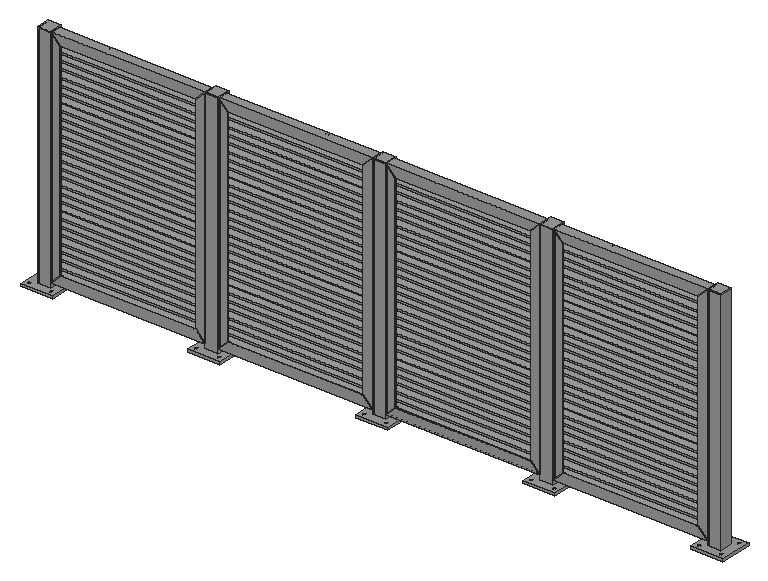
Revit family "Palmshield-Atlas-Louver-Array", category Specialty Equipment, Revit 2025
Family settings
  Round Connector Dimension = Use Diameter
  Part Type = Normal
  OmniClass Number = 23.55.00.00
  OmniClass Title = Manufactured Structures
  Enable Cutting in Views = No
  Cut with Voids When Loaded = No
  Maintain Annotation Orientation = No
  Shared = No
  Room Calculation Point = No
Parameters (values of type "Assembly")
  Warranty URL = "https://palmshieldlouvers.com/wp-content/uploads/2020/01/PalmSHIELD-Warranty-NO-SIGN-LINE.pdf"
  Version = "2020 - v1.0a"  # constant formula
  URL = "https://palmshieldlouvers.com/"
  Type Comments = ""
  Start Post [instance] = yes
  Product Page URL = "https://palmshieldlouvers.com/products/atlas-louver/"
  Product Documentation Link = "https://palmshieldlouvers.com/wp-content/uploads/2022/10/PalmSHIELD-Horizontal-Louvers-Technical-Data-Sheets-updated-100722.pdf"
  Post Finish = Metal - PalmSHIELD - Dusty Grey
  Panel Width [instance] = if(Desired Panel Width > C Max Panel Width, C Max Panel Width, if(Desired Panel Width < C Min Panel Width, C Min Panel Width, Desired Panel Width))  # 4' - 0"
  Panel Height [instance] = if(Desired Panel Height > C Max Panel Height, C Max Panel Height, if(Desired Panel Height < C Min Panel Height, C Min Panel Height, Desired Panel Height))  # 6' - 0"
  Model = "Atlas - Aluminum - Panel Assembly"  # constant formula
  Manufacturer Phone Number = "531-329-4406 "  # constant formula
  Manufacturer Email = "mailto: info@palmshieldlouvers.com"
  Manufacturer Address = "12330 Cary Circle, La Vista, NE 68128"  # constant formula
  Manufacturer = "PalmSHIELD"  # constant formula
  Keynote = "05 10 00"
  Instruction Sheet Link = "https://palmshieldlouvers.com/wp-content/uploads/2020/01/PalmSHIELD-Post-Panel-Gate-Installation-Instructions-REV-1.pdf"
  ID [instance] = "Not Assigned"
  Frame Finish = Metal - PalmSHIELD - Dusty Grey
  Filler Panel [instance] = yes
  End Post [instance] = yes
  Desired Panel Width [instance] = 4' - 0"
  Desired Panel Height [instance] = 6' - 0"
  Real Length [instance] = if(system length 1 < (C Post Width + C Min Panel Width), (C Post Width + C Min Panel Width), system length 1)  # 17' - 4"
  Description = "Atlas - Aluminum - Panel Assembly"  # constant formula
  system length 1 [instance] = 17' - 4"
  Copyright = "Copyright ©2024 The American Fence Company and PalmSHIELD. All Rights Reserved."  # constant formula
  Component Name [instance] = "Atlas - Aluminum - Panel Assembly"  # constant formula
  C Single Post [instance] = if(C Condition Double, 1 = 1, if(and(End Post, C Condition Single), 1 = 1, 1 = 0))  # no
  C Single Panel [instance] = or(C Condition Double, C Condition Single)  # no
  C Post Width [instance] = 0' - 4"  # constant formula
  C Multiple Post [instance] = (C Condition Multiple)  # yes
  C Multiple Panels [instance] = (C Condition Multiple)  # yes
  C Min Panel Width [instance] = 4' - 0"  # constant formula
  C Min Panel Height [instance] = C Min Panel Width  # 4' - 0"
  C Max Panel Width [instance] = 5' - 0"  # constant formula
  C Max Panel Height [instance] = 12' - 0"  # constant formula
  C Filler Post [instance] = and(not(C Condition Single), Filler Panel, End Post, or(C Filler Panel Width = C Min Panel Width, C Filler Panel Width > C Min Panel Width))  # yes
  C Filler Panel Width Calculated [instance] = Real Length - C Calculated Total Length - Panel Width - C Post Width  # 4' - 0"
  C Filler Panel Width [instance] = if(C Filler Panel Width Calculated < C Min Panel Width, C Min Panel Width, if(C Filler Panel Width Calculated > C Max Panel Width, C Max Panel Width, C Filler Panel Width Calculated))  # 4' - 0"
  C Filler Panel [instance] = and(not(C Condition Single), Filler Panel, or(C Filler Panel Width = C Min Panel Width, C Filler Panel Width > C Min Panel Width))  # yes
  C Condition Single [instance] = C Array Count < 1  # no
  C Condition Multiple [instance] = C Array Count > 1  # yes
  C Condition Double [instance] = C Array Count = 1  # no
  C Complete Post [instance] = and(not(C Condition Single), not(Filler Panel), End Post)  # no
  C Complete Panel [instance] = and(not(C Condition Single), not(Filler Panel))  # no
  C Calculated Total Length [instance] = if(C Array Count < 1, 0' 0", if(C Array Count = 1, C Post Width, Panel Width * (C Array Safe - 1) + C Post Width * (C Array Safe)))  # 9' - 0"
  C Calculated Filler Panel Length [instance] = if(C Array Count < 1, 0' 0", if(or(C Array Count = 2, C Array Count = 1), C Post Width, if(Filler Panel, (C Calculated Total Length - C Post Width - C Filler Panel Width), (C Calculated Total Length - C Post Width - Panel Width))))  # 4' - 8"
  C Array Safe [instance] = if(C Array Count < 2, 2, C Array Count)  # 3
  C Array Count [instance] = if(Filler Panel, roundup(((Real Length - C Min Panel Width) / (Panel Width + C Post Width)) - 1), roundup(((Real Length - (Panel Width)) / (Panel Width + C Post Width)) - 1))  # 3
  Assembly Code = "F1020100"
Reference planes (in)
  plane 1 "Center (Front/Back)": y = 0
  plane 2: z = 0
  plane 3 "Left": x = 0
  plane 4 "Right": x = 208
  plane 5 "Top": z = 60
  plane 6: x = 48
  plane 7: x = 52
  plane 8: x = 100
  plane 9: x = 104
  plane 10: x = -4
  plane 11: x = 156
  plane 12: x = 52
  plane 13: x = 204
  plane 14: x = 204
  plane 15: x = -2
  plane 16: x = 208
  plane 17: x = 206
  plane 18: x = 206
  plane 19: x = 208
  plane 20: x = 50
  plane 21: x = 102
  plane 22: y = -2
  plane 23: y = 2
Lines and regions (in)
  reference lines
    curve 1: line (0, 0, 0) -> (208, 0, 0)
Dimensions and locks (in)
  "system length 1": plane 3 "Left" to plane 4 "Right"
  "Panel Width": plane 6 to plane 3 "Left"
  "C Post Width": plane 7 to plane 6
  "Panel Width": plane 8 to plane 7
  "C Post Width": plane 9 to plane 8
  "C Post Width": plane 3 "Left" to plane 10
  "C Calculated Filler Panel Length": plane 12 to plane 10
  "C Filler Panel Width": plane 13 to plane 11
  "Panel Width": plane 14 to plane 11
  "C Calculated Total Length": plane 11 to plane 6
  equal spacing: plane 10, plane 15, plane 3 "Left"
  equal spacing: plane 16, plane 17, plane 13
  "C Post Width": plane 16 to plane 13
  equal spacing: plane 19, plane 18, plane 14
  "C Post Width": plane 19 to plane 14
  equal spacing: plane 9, plane 21, plane 8
  equal spacing: plane 7, plane 20, plane 6
  equal spacing: group 1, group 2, group 5  (x3)
  equal spacing: group 3, group 4, group 6  (x3)
  equal spacing: plane 22, plane 1 "Center (Front/Back)", plane 23
  "C Post Width": plane 22 to plane 23
  aligned and locked: plane 4 "Right" to curve 1
  aligned and locked: plane 1 "Center (Front/Back)" to curve 1
  aligned and locked: plane 3 "Left" to curve 1
  aligned and locked: level to plane 2
  aligned and locked: plane 15 to nested 1
  aligned and locked: nested 1 to plane 1 "Center (Front/Back)"
  aligned and locked: plane 3 "Left" to nested 2
  aligned and locked: nested 3 to plane 13
  aligned and locked: nested 4 to plane 14
  aligned and locked: plane 1 "Center (Front/Back)" to nested 6
  aligned and locked: plane 1 "Center (Front/Back)" to nested 5
  aligned and locked: plane 1 "Center (Front/Back)" to nested 8
  aligned and locked: plane 1 "Center (Front/Back)" to nested 9
  aligned and locked: plane 17 to nested 6
  aligned and locked: plane 18 to nested 5
  aligned and locked: plane 20 to nested 8
  aligned and locked: plane 3 "Left" to nested 7
  aligned and locked: plane 7 to nested 10
  aligned and locked: plane 21 to nested 14
  aligned and locked: plane 1 "Center (Front/Back)" to nested 14
  aligned and locked: nested 7 to plane 22
  aligned and locked: plane 22 to nested 10
  aligned and locked: plane 22 to nested 4
  aligned and locked: plane 22 to nested 3
  aligned and locked: nested 2 to plane 22
  aligned and locked: plane 20 to nested 9
Nested families (in)
  nested 1: "Nested-Screening-Louver-Assembly-Post-Palmshield-Atlas-Aluminum" at (-2, 0, 0), Desired Overall Height <- "Panel Height", visible <- "Start Post", Component Vis <- "Start Post", ID <- "ID", type "Assembly"
    with ID "Not Assigned", Height 6' - 0", Desired Overall Height 6' - 0", Component Vis yes, Component Name "Atlas - Aluminum - Square Post", C Min Height 3' - 4", C Max Height 12' - 0"
  nested 2: "Nested-Screening-Louver-Assembly-Panel-Palmshield-Atlas-Aluminum" at (0, -2, 0), Desired Overall Height <- "Panel Height", Desired Overall Width <- "Panel Width", visible <- "C Single Panel", Component Vis <- "C Single Panel", ID <- "ID", type ""
    with Width 4' - 0", ID "Not Assigned", Height 6' - 0", Desired Overall Width 4' - 0", Desired Overall Height 6' - 0", Desired Bottom Angle 0.00°, Component Vis no, Component Name "Atlas - Aluminum - Panel Assembly", C Min Width 4' - 0", C Min Height 4' - 0", C Max Width 5' - 0", C Max Height 12' - 0", C Angle 0.00°
  nested 3: "Nested-Screening-Louver-Assembly-Panel-Palmshield-Atlas-Aluminum" at (156, -2, 0), Desired Overall Height <- "Panel Height", Desired Overall Width <- "C Filler Panel Width", visible <- "C Filler Panel", Component Vis <- "C Filler Panel", ID <- "ID", type "Assembly"
    with Width 4' - 0", ID "Not Assigned", Height 6' - 0", Desired Overall Width 4' - 0", Desired Overall Height 6' - 0", Desired Bottom Angle 0.00°, Component Vis yes, Component Name "Atlas - Aluminum - Panel Assembly", C Min Width 4' - 0", C Min Height 4' - 0", C Max Width 5' - 0", C Max Height 12' - 0", C Angle 0.00°
  nested 4: "Nested-Screening-Louver-Assembly-Panel-Palmshield-Atlas-Aluminum" at (156, -2, 0), Desired Overall Height <- "Panel Height", Desired Overall Width <- "Panel Width", visible <- "C Complete Panel", Component Vis <- "C Complete Panel", ID <- "ID", type ""
    with Width 4' - 0", ID "Not Assigned", Height 6' - 0", Desired Overall Width 4' - 0", Desired Overall Height 6' - 0", Desired Bottom Angle 0.00°, Component Vis no, Component Name "Atlas - Aluminum - Panel Assembly", C Min Width 4' - 0", C Min Height 4' - 0", C Max Width 5' - 0", C Max Height 12' - 0", C Angle 0.00°
  nested 5: "Nested-Screening-Louver-Assembly-Post-Palmshield-Atlas-Aluminum" at (206, 0, 0), Desired Overall Height <- "Panel Height", visible <- "C Complete Post", Component Vis <- "C Complete Post", ID <- "ID", type ""
    with ID "Not Assigned", Height 6' - 0", Desired Overall Height 6' - 0", Component Vis no, Component Name "Atlas - Aluminum - Square Post", C Min Height 3' - 4", C Max Height 12' - 0"
  nested 6: "Nested-Screening-Louver-Assembly-Post-Palmshield-Atlas-Aluminum" at (206, 0, 0), Desired Overall Height <- "Panel Height", visible <- "C Filler Post", Component Vis <- "C Filler Post", ID <- "ID", type "Assembly"
    with ID "Not Assigned", Height 6' - 0", Desired Overall Height 6' - 0", Component Vis yes, Component Name "Atlas - Aluminum - Square Post", C Min Height 3' - 4", C Max Height 12' - 0"
  nested 7: "Nested-Screening-Louver-Assembly-Panel-Palmshield-Atlas-Aluminum" at (0, -2, 0), Desired Overall Height <- "Panel Height", Desired Overall Width <- "Panel Width", visible <- "C Multiple Panels", Component Vis <- "C Multiple Panels", ID <- "ID", type "Assembly"
    with Width 4' - 0", ID "Not Assigned", Height 6' - 0", Desired Overall Width 4' - 0", Desired Overall Height 6' - 0", Desired Bottom Angle 0.00°, Component Vis yes, Component Name "Atlas - Aluminum - Panel Assembly", C Min Width 4' - 0", C Min Height 4' - 0", C Max Width 5' - 0", C Max Height 12' - 0", C Angle 0.00°
  nested 8: "Nested-Screening-Louver-Assembly-Post-Palmshield-Atlas-Aluminum" at (50, 0, 0), Desired Overall Height <- "Panel Height", visible <- "C Multiple Post", Component Vis <- "C Multiple Post", ID <- "ID", type "Assembly"
    with ID "Not Assigned", Height 6' - 0", Desired Overall Height 6' - 0", Component Vis yes, Component Name "Atlas - Aluminum - Square Post", C Min Height 3' - 4", C Max Height 12' - 0"
  nested 9: "Nested-Screening-Louver-Assembly-Post-Palmshield-Atlas-Aluminum" at (50, 0, 0), Desired Overall Height <- "Panel Height", visible <- "C Single Post", Component Vis <- "C Single Post", ID <- "ID", type ""
    with ID "Not Assigned", Height 6' - 0", Desired Overall Height 6' - 0", Component Vis no, Component Name "Atlas - Aluminum - Square Post", C Min Height 3' - 4", C Max Height 12' - 0"
  nested 10: "Nested-Screening-Louver-Assembly-Panel-Palmshield-Atlas-Aluminum" at (52, -2, 0), Desired Overall Height <- "Panel Height", Desired Overall Width <- "Panel Width", visible <- "C Multiple Panels", Component Vis <- "C Multiple Panels", ID <- "ID", type "Assembly"
    with Width 4' - 0", ID "Not Assigned", Height 6' - 0", Desired Overall Width 4' - 0", Desired Overall Height 6' - 0", Desired Bottom Angle 0.00°, Component Vis yes, Component Name "Atlas - Aluminum - Panel Assembly", C Min Width 4' - 0", C Min Height 4' - 0", C Max Width 5' - 0", C Max Height 12' - 0", C Angle 0.00°
  nested 11: "Nested-Base_Plate-Palmshield-Atlas" at (-2, 0, 0), type ""
    with Material Metal - PalmSHIELD - Dusty Grey, ID "Not Assigned", Component Name "Atlas - Aluminum - Base Plate"
  nested 12: "Nested-Square_Post-Palmshield-Atlas" at (-2, 0, 0.75), type ""
    with Material Metal - PalmSHIELD - Dusty Grey, Length 5' - 11", ID "Not Assigned", Component Name "Atlas - Aluminum - Square Post"
  nested 13: "Nested-Top_Cap-Palmshield-Atlas" at (-2, 0, 71.75), type ""
    with Material Metal - PalmSHIELD - Dusty Grey, ID "Not Assigned", Component Name "Atlas - Aluminum - Square Top Cap"
  nested 14: "Nested-Screening-Louver-Assembly-Post-Palmshield-Atlas-Aluminum" at (102, 0, 0), Desired Overall Height <- "Panel Height", visible <- "C Multiple Post", Component Vis <- "C Multiple Post", ID <- "ID", type "Assembly"
    with ID "Not Assigned", Height 6' - 0", Desired Overall Height 6' - 0", Component Vis yes, Component Name "Atlas - Aluminum - Square Post", C Min Height 3' - 4", C Max Height 12' - 0"
  nested 15: "Nested-L_Frame-Palmshield-Atlas" at (52, -2, 72) x (0, 1, 0) z (1, 0, 0), type ""
    with Material Metal - PalmSHIELD - Dusty Grey, Length 5' - 10", ID "Not Assigned", Component Name "Atlas - Aluminum - L Frame", B-Side Cut Angle 45.00°, A-Side Cut Angle 45.00°
  nested 16: "Nested-L_Frame-Palmshield-Atlas" at (100, -2, 2) x (0, 1, 0) z (-1, 0, 0), type ""
    with Material Metal - PalmSHIELD - Dusty Grey, Length 5' - 10", ID "Not Assigned", Component Name "Atlas - Aluminum - L Frame", B-Side Cut Angle 45.00°, A-Side Cut Angle 45.00°
  nested 17: "Nested-Rib-Palmshield-Atlas" at (68, 0.25, 2.25), type ""
    with Material Metal - PalmSHIELD - Dusty Grey, Length 5' - 9 1/2", ID "Not Assigned", Component Name "Atlas - Aluminum - FB Rib", C Angle B 0.00°, C Angle A 0.00°, A-Side Cut Angle 0.00°
  nested 18: "Nested-Rib-Palmshield-Atlas" at (84, 0.25, 2.25), type ""
    with Material Metal - PalmSHIELD - Dusty Grey, Length 5' - 9 1/2", ID "Not Assigned", Component Name "Atlas - Aluminum - FB Rib", C Angle B 0.00°, C Angle A 0.00°, A-Side Cut Angle 0.00°
  nested 19: "Nested-Louvers-Palmshield-Atlas" at (54, 0.25, 9.55826) x (0, -1, 0) z (1, 0, 0), type ""
    with Material Metal - PalmSHIELD - Dusty Grey, Length 3' - 8", ID "Not Assigned", Component Name "Atlas - Aluminum - Louver"
  nested 20: "Nested-Louvers-Palmshield-Atlas" at (54, 0.25, 11.86852) x (0, -1, 0) z (1, 0, 0), type ""
    with Material Metal - PalmSHIELD - Dusty Grey, Length 3' - 8", ID "Not Assigned", Component Name "Atlas - Aluminum - Louver"
  nested 21: "Nested-Louvers-Palmshield-Atlas" at (54, 0.25, 14.17878) x (0, -1, 0) z (1, 0, 0), type ""
    with Material Metal - PalmSHIELD - Dusty Grey, Length 3' - 8", ID "Not Assigned", Component Name "Atlas - Aluminum - Louver"
  nested 22: "Nested-Louvers-Palmshield-Atlas" at (54, 0.25, 16.48904) x (0, -1, 0) z (1, 0, 0), type ""
    with Material Metal - PalmSHIELD - Dusty Grey, Length 3' - 8", ID "Not Assigned", Component Name "Atlas - Aluminum - Louver"
  nested 23: "Nested-Louvers-Palmshield-Atlas" at (54, 0.25, 18.7993) x (0, -1, 0) z (1, 0, 0), type ""
    with Material Metal - PalmSHIELD - Dusty Grey, Length 3' - 8", ID "Not Assigned", Component Name "Atlas - Aluminum - Louver"
  nested 24: "Nested-Louvers-Palmshield-Atlas" at (54, 0.25, 21.10956) x (0, -1, 0) z (1, 0, 0), type ""
    with Material Metal - PalmSHIELD - Dusty Grey, Length 3' - 8", ID "Not Assigned", Component Name "Atlas - Aluminum - Louver"
  nested 25: "Nested-Louvers-Palmshield-Atlas" at (54, 0.25, 23.41981) x (0, -1, 0) z (1, 0, 0), type ""
    with Material Metal - PalmSHIELD - Dusty Grey, Length 3' - 8", ID "Not Assigned", Component Name "Atlas - Aluminum - Louver"
  nested 26: "Nested-Louvers-Palmshield-Atlas" at (54, 0.25, 25.73007) x (0, -1, 0) z (1, 0, 0), type ""
    with Material Metal - PalmSHIELD - Dusty Grey, Length 3' - 8", ID "Not Assigned", Component Name "Atlas - Aluminum - Louver"
  nested 27: "Nested-Louvers-Palmshield-Atlas" at (54, 0.25, 28.04033) x (0, -1, 0) z (1, 0, 0), type ""
    with Material Metal - PalmSHIELD - Dusty Grey, Length 3' - 8", ID "Not Assigned", Component Name "Atlas - Aluminum - Louver"
  nested 28: "Nested-Louvers-Palmshield-Atlas" at (54, 0.25, 30.35059) x (0, -1, 0) z (1, 0, 0), type ""
    with Material Metal - PalmSHIELD - Dusty Grey, Length 3' - 8", ID "Not Assigned", Component Name "Atlas - Aluminum - Louver"
  nested 29: "Nested-Louvers-Palmshield-Atlas" at (54, 0.25, 32.66085) x (0, -1, 0) z (1, 0, 0), type ""
    with Material Metal - PalmSHIELD - Dusty Grey, Length 3' - 8", ID "Not Assigned", Component Name "Atlas - Aluminum - Louver"
  nested 30: "Nested-Louvers-Palmshield-Atlas" at (54, 0.25, 34.97111) x (0, -1, 0) z (1, 0, 0), type ""
    with Material Metal - PalmSHIELD - Dusty Grey, Length 3' - 8", ID "Not Assigned", Component Name "Atlas - Aluminum - Louver"
  nested 31: "Nested-Louvers-Palmshield-Atlas" at (54, 0.25, 37.28137) x (0, -1, 0) z (1, 0, 0), type ""
    with Material Metal - PalmSHIELD - Dusty Grey, Length 3' - 8", ID "Not Assigned", Component Name "Atlas - Aluminum - Louver"
  nested 32: "Nested-Louvers-Palmshield-Atlas" at (54, 0.25, 39.59163) x (0, -1, 0) z (1, 0, 0), type ""
    with Material Metal - PalmSHIELD - Dusty Grey, Length 3' - 8", ID "Not Assigned", Component Name "Atlas - Aluminum - Louver"
  nested 33: "Nested-Louvers-Palmshield-Atlas" at (54, 0.25, 41.90189) x (0, -1, 0) z (1, 0, 0), type ""
    with Material Metal - PalmSHIELD - Dusty Grey, Length 3' - 8", ID "Not Assigned", Component Name "Atlas - Aluminum - Louver"
  nested 34: "Nested-Louvers-Palmshield-Atlas" at (54, 0.25, 44.21215) x (0, -1, 0) z (1, 0, 0), type ""
    with Material Metal - PalmSHIELD - Dusty Grey, Length 3' - 8", ID "Not Assigned", Component Name "Atlas - Aluminum - Louver"
  nested 35: "Nested-Louvers-Palmshield-Atlas" at (54, 0.25, 46.52241) x (0, -1, 0) z (1, 0, 0), type ""
    with Material Metal - PalmSHIELD - Dusty Grey, Length 3' - 8", ID "Not Assigned", Component Name "Atlas - Aluminum - Louver"
  nested 36: "Nested-Louvers-Palmshield-Atlas" at (54, 0.25, 48.83267) x (0, -1, 0) z (1, 0, 0), type ""
    with Material Metal - PalmSHIELD - Dusty Grey, Length 3' - 8", ID "Not Assigned", Component Name "Atlas - Aluminum - Louver"
  nested 37: "Nested-Louvers-Palmshield-Atlas" at (54, 0.25, 51.14293) x (0, -1, 0) z (1, 0, 0), type ""
    with Material Metal - PalmSHIELD - Dusty Grey, Length 3' - 8", ID "Not Assigned", Component Name "Atlas - Aluminum - Louver"
  nested 38: "Nested-Louvers-Palmshield-Atlas" at (54, 0.25, 53.45319) x (0, -1, 0) z (1, 0, 0), type ""
    with Material Metal - PalmSHIELD - Dusty Grey, Length 3' - 8", ID "Not Assigned", Component Name "Atlas - Aluminum - Louver"
  nested 39: "Nested-Louvers-Palmshield-Atlas" at (54, 0.25, 55.76344) x (0, -1, 0) z (1, 0, 0), type ""
    with Material Metal - PalmSHIELD - Dusty Grey, Length 3' - 8", ID "Not Assigned", Component Name "Atlas - Aluminum - Louver"
  nested 40: "Nested-Louvers-Palmshield-Atlas" at (54, 0.25, 58.0737) x (0, -1, 0) z (1, 0, 0), type ""
    with Material Metal - PalmSHIELD - Dusty Grey, Length 3' - 8", ID "Not Assigned", Component Name "Atlas - Aluminum - Louver"
  nested 41: "Nested-Louvers-Palmshield-Atlas" at (54, 0.25, 60.38396) x (0, -1, 0) z (1, 0, 0), type ""
    with Material Metal - PalmSHIELD - Dusty Grey, Length 3' - 8", ID "Not Assigned", Component Name "Atlas - Aluminum - Louver"
  nested 42: "Nested-Louvers-Palmshield-Atlas" at (54, 0.25, 62.69422) x (0, -1, 0) z (1, 0, 0), type ""
    with Material Metal - PalmSHIELD - Dusty Grey, Length 3' - 8", ID "Not Assigned", Component Name "Atlas - Aluminum - Louver"
  nested 43: "Nested-Louvers-Palmshield-Atlas" at (54, 0.25, 65.00448) x (0, -1, 0) z (1, 0, 0), type ""
    with Material Metal - PalmSHIELD - Dusty Grey, Length 3' - 8", ID "Not Assigned", Component Name "Atlas - Aluminum - Louver"
  nested 44: "Nested-Louvers-Palmshield-Atlas" at (54, 0.25, 67.31474) x (0, -1, 0) z (1, 0, 0), type ""
    with Material Metal - PalmSHIELD - Dusty Grey, Length 3' - 8", ID "Not Assigned", Component Name "Atlas - Aluminum - Louver"
  nested 45: "Nested-Louvers-Palmshield-Atlas" at (54, 0.25, 7.248) x (0, -1, 0) z (1, 0, 0), type ""
    with Material Metal - PalmSHIELD - Dusty Grey, Length 3' - 8", ID "Not Assigned", Component Name "Atlas - Aluminum - Louver"
  nested 46: "Nested-Louvers-Palmshield-Atlas" at (54, 0.25, 69.625) x (0, -1, 0) z (1, 0, 0), type ""
    with Material Metal - PalmSHIELD - Dusty Grey, Length 3' - 8", ID "Not Assigned", Component Name "Atlas - Aluminum - Louver"
  nested 47: "Nested-L_Frame-Palmshield-Atlas" at (100, -2, 72) x (0, 1, 0) z (0, 0, -1), type ""
    with Material Metal - PalmSHIELD - Dusty Grey, Length 4' - 0", ID "Not Assigned", Component Name "Atlas - Aluminum - L Frame", B-Side Cut Angle 45.00°, A-Side Cut Angle 45.00°
  nested 48: "Nested-L_Frame-Palmshield-Atlas" at (52, -2, 2) x (0, 1, 0) z (0, 0, 1), type ""
    with Material Metal - PalmSHIELD - Dusty Grey, Length 4' - 0", ID "Not Assigned", Component Name "Atlas - Aluminum - L Frame", B-Side Cut Angle 45.00°, A-Side Cut Angle 45.00°
  nested 49: "Nested-Base_Plate-Palmshield-Atlas" at (102, 0, 0), type ""
    with Material Metal - PalmSHIELD - Dusty Grey, ID "Not Assigned", Component Name "Atlas - Aluminum - Base Plate"
  nested 50: "Nested-Square_Post-Palmshield-Atlas" at (102, 0, 0.75), type ""
    with Material Metal - PalmSHIELD - Dusty Grey, Length 5' - 11", ID "Not Assigned", Component Name "Atlas - Aluminum - Square Post"
  nested 51: "Nested-Top_Cap-Palmshield-Atlas" at (102, 0, 71.75), type ""
    with Material Metal - PalmSHIELD - Dusty Grey, ID "Not Assigned", Component Name "Atlas - Aluminum - Square Top Cap"
  nested 52: "Nested-Base_Plate-Palmshield-Atlas" at (50, 0, 0), type ""
    with Material Metal - PalmSHIELD - Dusty Grey, ID "Not Assigned", Component Name "Atlas - Aluminum - Base Plate"
  nested 53: "Nested-Square_Post-Palmshield-Atlas" at (50, 0, 0.75), type ""
    with Material Metal - PalmSHIELD - Dusty Grey, Length 5' - 11", ID "Not Assigned", Component Name "Atlas - Aluminum - Square Post"
  nested 54: "Nested-Top_Cap-Palmshield-Atlas" at (50, 0, 71.75), type ""
    with Material Metal - PalmSHIELD - Dusty Grey, ID "Not Assigned", Component Name "Atlas - Aluminum - Square Top Cap"
  nested 55: "Nested-L_Frame-Palmshield-Atlas" at (0, -2, 72) x (0, 1, 0) z (1, 0, 0), type ""
    with Material Metal - PalmSHIELD - Dusty Grey, Length 5' - 10", ID "Not Assigned", Component Name "Atlas - Aluminum - L Frame", B-Side Cut Angle 45.00°, A-Side Cut Angle 45.00°
  nested 56: "Nested-L_Frame-Palmshield-Atlas" at (48, -2, 2) x (0, 1, 0) z (-1, 0, 0), type ""
    with Material Metal - PalmSHIELD - Dusty Grey, Length 5' - 10", ID "Not Assigned", Component Name "Atlas - Aluminum - L Frame", B-Side Cut Angle 45.00°, A-Side Cut Angle 45.00°
  nested 57: "Nested-Rib-Palmshield-Atlas" at (16, 0.25, 2.25), type ""
    with Material Metal - PalmSHIELD - Dusty Grey, Length 5' - 9 1/2", ID "Not Assigned", Component Name "Atlas - Aluminum - FB Rib", C Angle B 0.00°, C Angle A 0.00°, A-Side Cut Angle 0.00°
  nested 58: "Nested-Rib-Palmshield-Atlas" at (32, 0.25, 2.25), type ""
    with Material Metal - PalmSHIELD - Dusty Grey, Length 5' - 9 1/2", ID "Not Assigned", Component Name "Atlas - Aluminum - FB Rib", C Angle B 0.00°, C Angle A 0.00°, A-Side Cut Angle 0.00°
  nested 59: "Nested-Louvers-Palmshield-Atlas" at (2, 0.25, 9.55826) x (0, -1, 0) z (1, 0, 0), type ""
    with Material Metal - PalmSHIELD - Dusty Grey, Length 3' - 8", ID "Not Assigned", Component Name "Atlas - Aluminum - Louver"
  nested 60: "Nested-Louvers-Palmshield-Atlas" at (2, 0.25, 11.86852) x (0, -1, 0) z (1, 0, 0), type ""
    with Material Metal - PalmSHIELD - Dusty Grey, Length 3' - 8", ID "Not Assigned", Component Name "Atlas - Aluminum - Louver"
  nested 61: "Nested-Louvers-Palmshield-Atlas" at (2, 0.25, 14.17878) x (0, -1, 0) z (1, 0, 0), type ""
    with Material Metal - PalmSHIELD - Dusty Grey, Length 3' - 8", ID "Not Assigned", Component Name "Atlas - Aluminum - Louver"
  nested 62: "Nested-Louvers-Palmshield-Atlas" at (2, 0.25, 16.48904) x (0, -1, 0) z (1, 0, 0), type ""
    with Material Metal - PalmSHIELD - Dusty Grey, Length 3' - 8", ID "Not Assigned", Component Name "Atlas - Aluminum - Louver"
  nested 63: "Nested-Louvers-Palmshield-Atlas" at (2, 0.25, 18.7993) x (0, -1, 0) z (1, 0, 0), type ""
    with Material Metal - PalmSHIELD - Dusty Grey, Length 3' - 8", ID "Not Assigned", Component Name "Atlas - Aluminum - Louver"
  nested 64: "Nested-Louvers-Palmshield-Atlas" at (2, 0.25, 21.10956) x (0, -1, 0) z (1, 0, 0), type ""
    with Material Metal - PalmSHIELD - Dusty Grey, Length 3' - 8", ID "Not Assigned", Component Name "Atlas - Aluminum - Louver"
  nested 65: "Nested-Louvers-Palmshield-Atlas" at (2, 0.25, 23.41981) x (0, -1, 0) z (1, 0, 0), type ""
    with Material Metal - PalmSHIELD - Dusty Grey, Length 3' - 8", ID "Not Assigned", Component Name "Atlas - Aluminum - Louver"
  nested 66: "Nested-Louvers-Palmshield-Atlas" at (2, 0.25, 25.73007) x (0, -1, 0) z (1, 0, 0), type ""
    with Material Metal - PalmSHIELD - Dusty Grey, Length 3' - 8", ID "Not Assigned", Component Name "Atlas - Aluminum - Louver"
  nested 67: "Nested-Louvers-Palmshield-Atlas" at (2, 0.25, 28.04033) x (0, -1, 0) z (1, 0, 0), type ""
    with Material Metal - PalmSHIELD - Dusty Grey, Length 3' - 8", ID "Not Assigned", Component Name "Atlas - Aluminum - Louver"
  nested 68: "Nested-Louvers-Palmshield-Atlas" at (2, 0.25, 30.35059) x (0, -1, 0) z (1, 0, 0), type ""
    with Material Metal - PalmSHIELD - Dusty Grey, Length 3' - 8", ID "Not Assigned", Component Name "Atlas - Aluminum - Louver"
  nested 69: "Nested-Louvers-Palmshield-Atlas" at (2, 0.25, 32.66085) x (0, -1, 0) z (1, 0, 0), type ""
    with Material Metal - PalmSHIELD - Dusty Grey, Length 3' - 8", ID "Not Assigned", Component Name "Atlas - Aluminum - Louver"
  nested 70: "Nested-Louvers-Palmshield-Atlas" at (2, 0.25, 34.97111) x (0, -1, 0) z (1, 0, 0), type ""
    with Material Metal - PalmSHIELD - Dusty Grey, Length 3' - 8", ID "Not Assigned", Component Name "Atlas - Aluminum - Louver"
  nested 71: "Nested-Louvers-Palmshield-Atlas" at (2, 0.25, 37.28137) x (0, -1, 0) z (1, 0, 0), type ""
    with Material Metal - PalmSHIELD - Dusty Grey, Length 3' - 8", ID "Not Assigned", Component Name "Atlas - Aluminum - Louver"
  nested 72: "Nested-Louvers-Palmshield-Atlas" at (2, 0.25, 39.59163) x (0, -1, 0) z (1, 0, 0), type ""
    with Material Metal - PalmSHIELD - Dusty Grey, Length 3' - 8", ID "Not Assigned", Component Name "Atlas - Aluminum - Louver"
  nested 73: "Nested-Louvers-Palmshield-Atlas" at (2, 0.25, 41.90189) x (0, -1, 0) z (1, 0, 0), type ""
    with Material Metal - PalmSHIELD - Dusty Grey, Length 3' - 8", ID "Not Assigned", Component Name "Atlas - Aluminum - Louver"
  nested 74: "Nested-Louvers-Palmshield-Atlas" at (2, 0.25, 44.21215) x (0, -1, 0) z (1, 0, 0), type ""
    with Material Metal - PalmSHIELD - Dusty Grey, Length 3' - 8", ID "Not Assigned", Component Name "Atlas - Aluminum - Louver"
  nested 75: "Nested-Louvers-Palmshield-Atlas" at (2, 0.25, 46.52241) x (0, -1, 0) z (1, 0, 0), type ""
    with Material Metal - PalmSHIELD - Dusty Grey, Length 3' - 8", ID "Not Assigned", Component Name "Atlas - Aluminum - Louver"
  nested 76: "Nested-Louvers-Palmshield-Atlas" at (2, 0.25, 48.83267) x (0, -1, 0) z (1, 0, 0), type ""
    with Material Metal - PalmSHIELD - Dusty Grey, Length 3' - 8", ID "Not Assigned", Component Name "Atlas - Aluminum - Louver"
  nested 77: "Nested-Louvers-Palmshield-Atlas" at (2, 0.25, 51.14293) x (0, -1, 0) z (1, 0, 0), type ""
    with Material Metal - PalmSHIELD - Dusty Grey, Length 3' - 8", ID "Not Assigned", Component Name "Atlas - Aluminum - Louver"
  nested 78: "Nested-Louvers-Palmshield-Atlas" at (2, 0.25, 53.45319) x (0, -1, 0) z (1, 0, 0), type ""
    with Material Metal - PalmSHIELD - Dusty Grey, Length 3' - 8", ID "Not Assigned", Component Name "Atlas - Aluminum - Louver"
  nested 79: "Nested-Louvers-Palmshield-Atlas" at (2, 0.25, 55.76344) x (0, -1, 0) z (1, 0, 0), type ""
    with Material Metal - PalmSHIELD - Dusty Grey, Length 3' - 8", ID "Not Assigned", Component Name "Atlas - Aluminum - Louver"
  nested 80: "Nested-Louvers-Palmshield-Atlas" at (2, 0.25, 58.0737) x (0, -1, 0) z (1, 0, 0), type ""
    with Material Metal - PalmSHIELD - Dusty Grey, Length 3' - 8", ID "Not Assigned", Component Name "Atlas - Aluminum - Louver"
  nested 81: "Nested-Louvers-Palmshield-Atlas" at (2, 0.25, 60.38396) x (0, -1, 0) z (1, 0, 0), type ""
    with Material Metal - PalmSHIELD - Dusty Grey, Length 3' - 8", ID "Not Assigned", Component Name "Atlas - Aluminum - Louver"
  nested 82: "Nested-Louvers-Palmshield-Atlas" at (2, 0.25, 62.69422) x (0, -1, 0) z (1, 0, 0), type ""
    with Material Metal - PalmSHIELD - Dusty Grey, Length 3' - 8", ID "Not Assigned", Component Name "Atlas - Aluminum - Louver"
  nested 83: "Nested-Louvers-Palmshield-Atlas" at (2, 0.25, 65.00448) x (0, -1, 0) z (1, 0, 0), type ""
    with Material Metal - PalmSHIELD - Dusty Grey, Length 3' - 8", ID "Not Assigned", Component Name "Atlas - Aluminum - Louver"
  nested 84: "Nested-Louvers-Palmshield-Atlas" at (2, 0.25, 67.31474) x (0, -1, 0) z (1, 0, 0), type ""
    with Material Metal - PalmSHIELD - Dusty Grey, Length 3' - 8", ID "Not Assigned", Component Name "Atlas - Aluminum - Louver"
  nested 85: "Nested-Louvers-Palmshield-Atlas" at (2, 0.25, 7.248) x (0, -1, 0) z (1, 0, 0), type ""
    with Material Metal - PalmSHIELD - Dusty Grey, Length 3' - 8", ID "Not Assigned", Component Name "Atlas - Aluminum - Louver"
  nested 86: "Nested-Louvers-Palmshield-Atlas" at (2, 0.25, 69.625) x (0, -1, 0) z (1, 0, 0), type ""
    with Material Metal - PalmSHIELD - Dusty Grey, Length 3' - 8", ID "Not Assigned", Component Name "Atlas - Aluminum - Louver"
  nested 87: "Nested-L_Frame-Palmshield-Atlas" at (48, -2, 72) x (0, 1, 0) z (0, 0, -1), type ""
    with Material Metal - PalmSHIELD - Dusty Grey, Length 4' - 0", ID "Not Assigned", Component Name "Atlas - Aluminum - L Frame", B-Side Cut Angle 45.00°, A-Side Cut Angle 45.00°
  nested 88: "Nested-L_Frame-Palmshield-Atlas" at (0, -2, 2) x (0, 1, 0) z (0, 0, 1), type ""
    with Material Metal - PalmSHIELD - Dusty Grey, Length 4' - 0", ID "Not Assigned", Component Name "Atlas - Aluminum - L Frame", B-Side Cut Angle 45.00°, A-Side Cut Angle 45.00°
  nested 89: "Nested-Screening-Louver-Assembly-Panel-Palmshield-Atlas-Aluminum" at (104, -2, 0), Desired Overall Height <- "Panel Height", Desired Overall Width <- "Panel Width", visible <- "C Multiple Panels", Component Vis <- "C Multiple Panels", ID <- "ID", type "Assembly"
    with Width 4' - 0", ID "Not Assigned", Height 6' - 0", Desired Overall Width 4' - 0", Desired Overall Height 6' - 0", Desired Bottom Angle 0.00°, Component Vis yes, Component Name "Atlas - Aluminum - Panel Assembly", C Min Width 4' - 0", C Min Height 4' - 0", C Max Width 5' - 0", C Max Height 12' - 0", C Angle 0.00°
  nested 90: "Nested-L_Frame-Palmshield-Atlas" at (104, -2, 72) x (0, 1, 0) z (1, 0, 0), type ""
    with Material Metal - PalmSHIELD - Dusty Grey, Length 5' - 10", ID "Not Assigned", Component Name "Atlas - Aluminum - L Frame", B-Side Cut Angle 45.00°, A-Side Cut Angle 45.00°
  nested 91: "Nested-L_Frame-Palmshield-Atlas" at (152, -2, 2) x (0, 1, 0) z (-1, 0, 0), type ""
    with Material Metal - PalmSHIELD - Dusty Grey, Length 5' - 10", ID "Not Assigned", Component Name "Atlas - Aluminum - L Frame", B-Side Cut Angle 45.00°, A-Side Cut Angle 45.00°
  nested 92: "Nested-Rib-Palmshield-Atlas" at (120, 0.25, 2.25), type ""
    with Material Metal - PalmSHIELD - Dusty Grey, Length 5' - 9 1/2", ID "Not Assigned", Component Name "Atlas - Aluminum - FB Rib", C Angle B 0.00°, C Angle A 0.00°, A-Side Cut Angle 0.00°
  nested 93: "Nested-Rib-Palmshield-Atlas" at (136, 0.25, 2.25), type ""
    with Material Metal - PalmSHIELD - Dusty Grey, Length 5' - 9 1/2", ID "Not Assigned", Component Name "Atlas - Aluminum - FB Rib", C Angle B 0.00°, C Angle A 0.00°, A-Side Cut Angle 0.00°
  nested 94: "Nested-Louvers-Palmshield-Atlas" at (106, 0.25, 9.55826) x (0, -1, 0) z (1, 0, 0), type ""
    with Material Metal - PalmSHIELD - Dusty Grey, Length 3' - 8", ID "Not Assigned", Component Name "Atlas - Aluminum - Louver"
  nested 95: "Nested-Louvers-Palmshield-Atlas" at (106, 0.25, 11.86852) x (0, -1, 0) z (1, 0, 0), type ""
    with Material Metal - PalmSHIELD - Dusty Grey, Length 3' - 8", ID "Not Assigned", Component Name "Atlas - Aluminum - Louver"
  nested 96: "Nested-Louvers-Palmshield-Atlas" at (106, 0.25, 14.17878) x (0, -1, 0) z (1, 0, 0), type ""
    with Material Metal - PalmSHIELD - Dusty Grey, Length 3' - 8", ID "Not Assigned", Component Name "Atlas - Aluminum - Louver"
  nested 97: "Nested-Louvers-Palmshield-Atlas" at (106, 0.25, 16.48904) x (0, -1, 0) z (1, 0, 0), type ""
    with Material Metal - PalmSHIELD - Dusty Grey, Length 3' - 8", ID "Not Assigned", Component Name "Atlas - Aluminum - Louver"
  nested 98: "Nested-Louvers-Palmshield-Atlas" at (106, 0.25, 18.7993) x (0, -1, 0) z (1, 0, 0), type ""
    with Material Metal - PalmSHIELD - Dusty Grey, Length 3' - 8", ID "Not Assigned", Component Name "Atlas - Aluminum - Louver"
  nested 99: "Nested-Louvers-Palmshield-Atlas" at (106, 0.25, 21.10956) x (0, -1, 0) z (1, 0, 0), type ""
    with Material Metal - PalmSHIELD - Dusty Grey, Length 3' - 8", ID "Not Assigned", Component Name "Atlas - Aluminum - Louver"
  nested 100: "Nested-Louvers-Palmshield-Atlas" at (106, 0.25, 23.41981) x (0, -1, 0) z (1, 0, 0), type ""
    with Material Metal - PalmSHIELD - Dusty Grey, Length 3' - 8", ID "Not Assigned", Component Name "Atlas - Aluminum - Louver"
  nested 101: "Nested-Louvers-Palmshield-Atlas" at (106, 0.25, 25.73007) x (0, -1, 0) z (1, 0, 0), type ""
    with Material Metal - PalmSHIELD - Dusty Grey, Length 3' - 8", ID "Not Assigned", Component Name "Atlas - Aluminum - Louver"
  nested 102: "Nested-Louvers-Palmshield-Atlas" at (106, 0.25, 28.04033) x (0, -1, 0) z (1, 0, 0), type ""
    with Material Metal - PalmSHIELD - Dusty Grey, Length 3' - 8", ID "Not Assigned", Component Name "Atlas - Aluminum - Louver"
  nested 103: "Nested-Louvers-Palmshield-Atlas" at (106, 0.25, 30.35059) x (0, -1, 0) z (1, 0, 0), type ""
    with Material Metal - PalmSHIELD - Dusty Grey, Length 3' - 8", ID "Not Assigned", Component Name "Atlas - Aluminum - Louver"
  nested 104: "Nested-Louvers-Palmshield-Atlas" at (106, 0.25, 32.66085) x (0, -1, 0) z (1, 0, 0), type ""
    with Material Metal - PalmSHIELD - Dusty Grey, Length 3' - 8", ID "Not Assigned", Component Name "Atlas - Aluminum - Louver"
  nested 105: "Nested-Louvers-Palmshield-Atlas" at (106, 0.25, 34.97111) x (0, -1, 0) z (1, 0, 0), type ""
    with Material Metal - PalmSHIELD - Dusty Grey, Length 3' - 8", ID "Not Assigned", Component Name "Atlas - Aluminum - Louver"
  nested 106: "Nested-Louvers-Palmshield-Atlas" at (106, 0.25, 37.28137) x (0, -1, 0) z (1, 0, 0), type ""
    with Material Metal - PalmSHIELD - Dusty Grey, Length 3' - 8", ID "Not Assigned", Component Name "Atlas - Aluminum - Louver"
  nested 107: "Nested-Louvers-Palmshield-Atlas" at (106, 0.25, 39.59163) x (0, -1, 0) z (1, 0, 0), type ""
    with Material Metal - PalmSHIELD - Dusty Grey, Length 3' - 8", ID "Not Assigned", Component Name "Atlas - Aluminum - Louver"
  nested 108: "Nested-Louvers-Palmshield-Atlas" at (106, 0.25, 41.90189) x (0, -1, 0) z (1, 0, 0), type ""
    with Material Metal - PalmSHIELD - Dusty Grey, Length 3' - 8", ID "Not Assigned", Component Name "Atlas - Aluminum - Louver"
  nested 109: "Nested-Louvers-Palmshield-Atlas" at (106, 0.25, 44.21215) x (0, -1, 0) z (1, 0, 0), type ""
    with Material Metal - PalmSHIELD - Dusty Grey, Length 3' - 8", ID "Not Assigned", Component Name "Atlas - Aluminum - Louver"
  nested 110: "Nested-Louvers-Palmshield-Atlas" at (106, 0.25, 46.52241) x (0, -1, 0) z (1, 0, 0), type ""
    with Material Metal - PalmSHIELD - Dusty Grey, Length 3' - 8", ID "Not Assigned", Component Name "Atlas - Aluminum - Louver"
  nested 111: "Nested-Louvers-Palmshield-Atlas" at (106, 0.25, 48.83267) x (0, -1, 0) z (1, 0, 0), type ""
    with Material Metal - PalmSHIELD - Dusty Grey, Length 3' - 8", ID "Not Assigned", Component Name "Atlas - Aluminum - Louver"
  nested 112: "Nested-Louvers-Palmshield-Atlas" at (106, 0.25, 51.14293) x (0, -1, 0) z (1, 0, 0), type ""
    with Material Metal - PalmSHIELD - Dusty Grey, Length 3' - 8", ID "Not Assigned", Component Name "Atlas - Aluminum - Louver"
  nested 113: "Nested-Louvers-Palmshield-Atlas" at (106, 0.25, 53.45319) x (0, -1, 0) z (1, 0, 0), type ""
    with Material Metal - PalmSHIELD - Dusty Grey, Length 3' - 8", ID "Not Assigned", Component Name "Atlas - Aluminum - Louver"
  nested 114: "Nested-Louvers-Palmshield-Atlas" at (106, 0.25, 55.76344) x (0, -1, 0) z (1, 0, 0), type ""
    with Material Metal - PalmSHIELD - Dusty Grey, Length 3' - 8", ID "Not Assigned", Component Name "Atlas - Aluminum - Louver"
  nested 115: "Nested-Louvers-Palmshield-Atlas" at (106, 0.25, 58.0737) x (0, -1, 0) z (1, 0, 0), type ""
    with Material Metal - PalmSHIELD - Dusty Grey, Length 3' - 8", ID "Not Assigned", Component Name "Atlas - Aluminum - Louver"
  nested 116: "Nested-Louvers-Palmshield-Atlas" at (106, 0.25, 60.38396) x (0, -1, 0) z (1, 0, 0), type ""
    with Material Metal - PalmSHIELD - Dusty Grey, Length 3' - 8", ID "Not Assigned", Component Name "Atlas - Aluminum - Louver"
  nested 117: "Nested-Louvers-Palmshield-Atlas" at (106, 0.25, 62.69422) x (0, -1, 0) z (1, 0, 0), type ""
    with Material Metal - PalmSHIELD - Dusty Grey, Length 3' - 8", ID "Not Assigned", Component Name "Atlas - Aluminum - Louver"
  nested 118: "Nested-Louvers-Palmshield-Atlas" at (106, 0.25, 65.00448) x (0, -1, 0) z (1, 0, 0), type ""
    with Material Metal - PalmSHIELD - Dusty Grey, Length 3' - 8", ID "Not Assigned", Component Name "Atlas - Aluminum - Louver"
  nested 119: "Nested-Louvers-Palmshield-Atlas" at (106, 0.25, 67.31474) x (0, -1, 0) z (1, 0, 0), type ""
    with Material Metal - PalmSHIELD - Dusty Grey, Length 3' - 8", ID "Not Assigned", Component Name "Atlas - Aluminum - Louver"
  nested 120: "Nested-Louvers-Palmshield-Atlas" at (106, 0.25, 7.248) x (0, -1, 0) z (1, 0, 0), type ""
    with Material Metal - PalmSHIELD - Dusty Grey, Length 3' - 8", ID "Not Assigned", Component Name "Atlas - Aluminum - Louver"
  nested 121: "Nested-Louvers-Palmshield-Atlas" at (106, 0.25, 69.625) x (0, -1, 0) z (1, 0, 0), type ""
    with Material Metal - PalmSHIELD - Dusty Grey, Length 3' - 8", ID "Not Assigned", Component Name "Atlas - Aluminum - Louver"
  nested 122: "Nested-L_Frame-Palmshield-Atlas" at (152, -2, 72) x (0, 1, 0) z (0, 0, -1), type ""
    with Material Metal - PalmSHIELD - Dusty Grey, Length 4' - 0", ID "Not Assigned", Component Name "Atlas - Aluminum - L Frame", B-Side Cut Angle 45.00°, A-Side Cut Angle 45.00°
  nested 123: "Nested-L_Frame-Palmshield-Atlas" at (104, -2, 2) x (0, 1, 0) z (0, 0, 1), type ""
    with Material Metal - PalmSHIELD - Dusty Grey, Length 4' - 0", ID "Not Assigned", Component Name "Atlas - Aluminum - L Frame", B-Side Cut Angle 45.00°, A-Side Cut Angle 45.00°
  nested 124: "Nested-Screening-Louver-Assembly-Post-Palmshield-Atlas-Aluminum" at (154, 0, 0), Desired Overall Height <- "Panel Height", visible <- "C Multiple Post", Component Vis <- "C Multiple Post", ID <- "ID", type "Assembly"
    with ID "Not Assigned", Height 6' - 0", Desired Overall Height 6' - 0", Component Vis yes, Component Name "Atlas - Aluminum - Square Post", C Min Height 3' - 4", C Max Height 12' - 0"
  nested 125: "Nested-Base_Plate-Palmshield-Atlas" at (154, 0, 0), type ""
    with Material Metal - PalmSHIELD - Dusty Grey, ID "Not Assigned", Component Name "Atlas - Aluminum - Base Plate"
  nested 126: "Nested-Square_Post-Palmshield-Atlas" at (154, 0, 0.75), type ""
    with Material Metal - PalmSHIELD - Dusty Grey, Length 5' - 11", ID "Not Assigned", Component Name "Atlas - Aluminum - Square Post"
  nested 127: "Nested-Top_Cap-Palmshield-Atlas" at (154, 0, 71.75), type ""
    with Material Metal - PalmSHIELD - Dusty Grey, ID "Not Assigned", Component Name "Atlas - Aluminum - Square Top Cap"
  nested 128: "Nested-L_Frame-Palmshield-Atlas" at (156, -2, 72) x (0, 1, 0) z (1, 0, 0), type ""
    with Material Metal - PalmSHIELD - Dusty Grey, Length 5' - 10", ID "Not Assigned", Component Name "Atlas - Aluminum - L Frame", B-Side Cut Angle 45.00°, A-Side Cut Angle 45.00°
  nested 129: "Nested-L_Frame-Palmshield-Atlas" at (204, -2, 2) x (0, 1, 0) z (-1, 0, 0), type ""
    with Material Metal - PalmSHIELD - Dusty Grey, Length 5' - 10", ID "Not Assigned", Component Name "Atlas - Aluminum - L Frame", B-Side Cut Angle 45.00°, A-Side Cut Angle 45.00°
  nested 130: "Nested-Rib-Palmshield-Atlas" at (172, 0.25, 2.25), type ""
    with Material Metal - PalmSHIELD - Dusty Grey, Length 5' - 9 1/2", ID "Not Assigned", Component Name "Atlas - Aluminum - FB Rib", C Angle B 0.00°, C Angle A 0.00°, A-Side Cut Angle 0.00°
  nested 131: "Nested-Rib-Palmshield-Atlas" at (188, 0.25, 2.25), type ""
    with Material Metal - PalmSHIELD - Dusty Grey, Length 5' - 9 1/2", ID "Not Assigned", Component Name "Atlas - Aluminum - FB Rib", C Angle B 0.00°, C Angle A 0.00°, A-Side Cut Angle 0.00°
  nested 132: "Nested-Louvers-Palmshield-Atlas" at (158, 0.25, 9.55826) x (0, -1, 0) z (1, 0, 0), type ""
    with Material Metal - PalmSHIELD - Dusty Grey, Length 3' - 8", ID "Not Assigned", Component Name "Atlas - Aluminum - Louver"
  nested 133: "Nested-Louvers-Palmshield-Atlas" at (158, 0.25, 11.86852) x (0, -1, 0) z (1, 0, 0), type ""
    with Material Metal - PalmSHIELD - Dusty Grey, Length 3' - 8", ID "Not Assigned", Component Name "Atlas - Aluminum - Louver"
  nested 134: "Nested-Louvers-Palmshield-Atlas" at (158, 0.25, 14.17878) x (0, -1, 0) z (1, 0, 0), type ""
    with Material Metal - PalmSHIELD - Dusty Grey, Length 3' - 8", ID "Not Assigned", Component Name "Atlas - Aluminum - Louver"
  nested 135: "Nested-Louvers-Palmshield-Atlas" at (158, 0.25, 16.48904) x (0, -1, 0) z (1, 0, 0), type ""
    with Material Metal - PalmSHIELD - Dusty Grey, Length 3' - 8", ID "Not Assigned", Component Name "Atlas - Aluminum - Louver"
  nested 136: "Nested-Louvers-Palmshield-Atlas" at (158, 0.25, 18.7993) x (0, -1, 0) z (1, 0, 0), type ""
    with Material Metal - PalmSHIELD - Dusty Grey, Length 3' - 8", ID "Not Assigned", Component Name "Atlas - Aluminum - Louver"
  nested 137: "Nested-Louvers-Palmshield-Atlas" at (158, 0.25, 21.10956) x (0, -1, 0) z (1, 0, 0), type ""
    with Material Metal - PalmSHIELD - Dusty Grey, Length 3' - 8", ID "Not Assigned", Component Name "Atlas - Aluminum - Louver"
  nested 138: "Nested-Louvers-Palmshield-Atlas" at (158, 0.25, 23.41981) x (0, -1, 0) z (1, 0, 0), type ""
    with Material Metal - PalmSHIELD - Dusty Grey, Length 3' - 8", ID "Not Assigned", Component Name "Atlas - Aluminum - Louver"
  nested 139: "Nested-Louvers-Palmshield-Atlas" at (158, 0.25, 25.73007) x (0, -1, 0) z (1, 0, 0), type ""
    with Material Metal - PalmSHIELD - Dusty Grey, Length 3' - 8", ID "Not Assigned", Component Name "Atlas - Aluminum - Louver"
  nested 140: "Nested-Louvers-Palmshield-Atlas" at (158, 0.25, 28.04033) x (0, -1, 0) z (1, 0, 0), type ""
    with Material Metal - PalmSHIELD - Dusty Grey, Length 3' - 8", ID "Not Assigned", Component Name "Atlas - Aluminum - Louver"
  nested 141: "Nested-Louvers-Palmshield-Atlas" at (158, 0.25, 30.35059) x (0, -1, 0) z (1, 0, 0), type ""
    with Material Metal - PalmSHIELD - Dusty Grey, Length 3' - 8", ID "Not Assigned", Component Name "Atlas - Aluminum - Louver"
  nested 142: "Nested-Louvers-Palmshield-Atlas" at (158, 0.25, 32.66085) x (0, -1, 0) z (1, 0, 0), type ""
    with Material Metal - PalmSHIELD - Dusty Grey, Length 3' - 8", ID "Not Assigned", Component Name "Atlas - Aluminum - Louver"
  nested 143: "Nested-Louvers-Palmshield-Atlas" at (158, 0.25, 34.97111) x (0, -1, 0) z (1, 0, 0), type ""
    with Material Metal - PalmSHIELD - Dusty Grey, Length 3' - 8", ID "Not Assigned", Component Name "Atlas - Aluminum - Louver"
  nested 144: "Nested-Louvers-Palmshield-Atlas" at (158, 0.25, 37.28137) x (0, -1, 0) z (1, 0, 0), type ""
    with Material Metal - PalmSHIELD - Dusty Grey, Length 3' - 8", ID "Not Assigned", Component Name "Atlas - Aluminum - Louver"
  nested 145: "Nested-Louvers-Palmshield-Atlas" at (158, 0.25, 39.59163) x (0, -1, 0) z (1, 0, 0), type ""
    with Material Metal - PalmSHIELD - Dusty Grey, Length 3' - 8", ID "Not Assigned", Component Name "Atlas - Aluminum - Louver"
  nested 146: "Nested-Louvers-Palmshield-Atlas" at (158, 0.25, 41.90189) x (0, -1, 0) z (1, 0, 0), type ""
    with Material Metal - PalmSHIELD - Dusty Grey, Length 3' - 8", ID "Not Assigned", Component Name "Atlas - Aluminum - Louver"
  nested 147: "Nested-Louvers-Palmshield-Atlas" at (158, 0.25, 44.21215) x (0, -1, 0) z (1, 0, 0), type ""
    with Material Metal - PalmSHIELD - Dusty Grey, Length 3' - 8", ID "Not Assigned", Component Name "Atlas - Aluminum - Louver"
  nested 148: "Nested-Louvers-Palmshield-Atlas" at (158, 0.25, 46.52241) x (0, -1, 0) z (1, 0, 0), type ""
    with Material Metal - PalmSHIELD - Dusty Grey, Length 3' - 8", ID "Not Assigned", Component Name "Atlas - Aluminum - Louver"
  nested 149: "Nested-Louvers-Palmshield-Atlas" at (158, 0.25, 48.83267) x (0, -1, 0) z (1, 0, 0), type ""
    with Material Metal - PalmSHIELD - Dusty Grey, Length 3' - 8", ID "Not Assigned", Component Name "Atlas - Aluminum - Louver"
  nested 150: "Nested-Louvers-Palmshield-Atlas" at (158, 0.25, 51.14293) x (0, -1, 0) z (1, 0, 0), type ""
    with Material Metal - PalmSHIELD - Dusty Grey, Length 3' - 8", ID "Not Assigned", Component Name "Atlas - Aluminum - Louver"
  nested 151: "Nested-Louvers-Palmshield-Atlas" at (158, 0.25, 53.45319) x (0, -1, 0) z (1, 0, 0), type ""
    with Material Metal - PalmSHIELD - Dusty Grey, Length 3' - 8", ID "Not Assigned", Component Name "Atlas - Aluminum - Louver"
  nested 152: "Nested-Louvers-Palmshield-Atlas" at (158, 0.25, 55.76344) x (0, -1, 0) z (1, 0, 0), type ""
    with Material Metal - PalmSHIELD - Dusty Grey, Length 3' - 8", ID "Not Assigned", Component Name "Atlas - Aluminum - Louver"
  nested 153: "Nested-Louvers-Palmshield-Atlas" at (158, 0.25, 58.0737) x (0, -1, 0) z (1, 0, 0), type ""
    with Material Metal - PalmSHIELD - Dusty Grey, Length 3' - 8", ID "Not Assigned", Component Name "Atlas - Aluminum - Louver"
  nested 154: "Nested-Louvers-Palmshield-Atlas" at (158, 0.25, 60.38396) x (0, -1, 0) z (1, 0, 0), type ""
    with Material Metal - PalmSHIELD - Dusty Grey, Length 3' - 8", ID "Not Assigned", Component Name "Atlas - Aluminum - Louver"
  nested 155: "Nested-Louvers-Palmshield-Atlas" at (158, 0.25, 62.69422) x (0, -1, 0) z (1, 0, 0), type ""
    with Material Metal - PalmSHIELD - Dusty Grey, Length 3' - 8", ID "Not Assigned", Component Name "Atlas - Aluminum - Louver"
  nested 156: "Nested-Louvers-Palmshield-Atlas" at (158, 0.25, 65.00448) x (0, -1, 0) z (1, 0, 0), type ""
    with Material Metal - PalmSHIELD - Dusty Grey, Length 3' - 8", ID "Not Assigned", Component Name "Atlas - Aluminum - Louver"
  nested 157: "Nested-Louvers-Palmshield-Atlas" at (158, 0.25, 67.31474) x (0, -1, 0) z (1, 0, 0), type ""
    with Material Metal - PalmSHIELD - Dusty Grey, Length 3' - 8", ID "Not Assigned", Component Name "Atlas - Aluminum - Louver"
  nested 158: "Nested-Louvers-Palmshield-Atlas" at (158, 0.25, 7.248) x (0, -1, 0) z (1, 0, 0), type ""
    with Material Metal - PalmSHIELD - Dusty Grey, Length 3' - 8", ID "Not Assigned", Component Name "Atlas - Aluminum - Louver"
  nested 159: "Nested-Louvers-Palmshield-Atlas" at (158, 0.25, 69.625) x (0, -1, 0) z (1, 0, 0), type ""
    with Material Metal - PalmSHIELD - Dusty Grey, Length 3' - 8", ID "Not Assigned", Component Name "Atlas - Aluminum - Louver"
  nested 160: "Nested-L_Frame-Palmshield-Atlas" at (204, -2, 72) x (0, 1, 0) z (0, 0, -1), type ""
    with Material Metal - PalmSHIELD - Dusty Grey, Length 4' - 0", ID "Not Assigned", Component Name "Atlas - Aluminum - L Frame", B-Side Cut Angle 45.00°, A-Side Cut Angle 45.00°
  nested 161: "Nested-L_Frame-Palmshield-Atlas" at (156, -2, 2) x (0, 1, 0) z (0, 0, 1), type ""
    with Material Metal - PalmSHIELD - Dusty Grey, Length 4' - 0", ID "Not Assigned", Component Name "Atlas - Aluminum - L Frame", B-Side Cut Angle 45.00°, A-Side Cut Angle 45.00°
  nested 162: "Nested-Base_Plate-Palmshield-Atlas" at (206, 0, 0), type ""
    with Material Metal - PalmSHIELD - Dusty Grey, ID "Not Assigned", Component Name "Atlas - Aluminum - Base Plate"
  nested 163: "Nested-Square_Post-Palmshield-Atlas" at (206, 0, 0.75), type ""
    with Material Metal - PalmSHIELD - Dusty Grey, Length 5' - 11", ID "Not Assigned", Component Name "Atlas - Aluminum - Square Post"
  nested 164: "Nested-Top_Cap-Palmshield-Atlas" at (206, 0, 71.75), type ""
    with Material Metal - PalmSHIELD - Dusty Grey, ID "Not Assigned", Component Name "Atlas - Aluminum - Square Top Cap"
Definition of nested family "Nested-Base_Plate-Palmshield-Atlas"
  Parameters (values of type "10" x 10" x 3/4"")
    Width = 0' - 10"  # constant formula
    Warranty URL = "https://palmshieldlouvers.com/wp-content/uploads/2020/01/PalmSHIELD-Warranty-NO-SIGN-LINE.pdf"
    Version = "2020 - v1.0a"  # constant formula
    URL = "https://palmshieldlouvers.com/"
    Thickness = 0' - 0 3/4"  # constant formula
    Product Page URL = "https://palmshieldlouvers.com/products/louvers/"
    Product Documentation Link = "https://palmshieldlouvers.com/wp-content/uploads/2022/10/PalmSHIELD-Horizontal-Louvers-Technical-Data-Sheets-updated-100722.pdf"
    Model = "Atlas"  # constant formula
    Material [instance] = none
    Manufacturer Phone Number = "531-329-4406 "  # constant formula
    Manufacturer Fax Number = "Consult Manufacturer Website for More Information"  # constant formula
    Manufacturer Email = "mailto: info@palmshieldlouvers.com"
    Manufacturer Address = "12330 Cary Circle, La Vista, NE 68128"  # constant formula
    Manufacturer = "PalmSHIELD"  # constant formula
    Keynote = "05 10 00"
    Instruction Sheet Link = "https://palmshieldlouvers.com/wp-content/uploads/2020/01/PalmSHIELD-Post-Panel-Gate-Installation-Instructions-REV-1.pdf"
    ID [instance] = ""
    Hole Diameter = 0' - 0 3/4"  # constant formula
    Description = "Atlas - Base Plate"  # constant formula
    Default Elevation = 4' - 0"
    Copyright = "Copyright ©2024 The American Fence Company and PalmSHIELD. All Rights Reserved."  # constant formula
    Component Name [instance] = "Atlas - Aluminum - Base Plate"  # constant formula
    C Hole Offset = 0' - 1 1/2"  # constant formula
    Assembly Code = "F1020100"
  Reference planes (in)
    plane 1 "Center (Front/Back)": y = 0
    plane 2: z = 0
    plane 3 "Center (Left/Right)": x = 0
    plane 4: y = 5
    plane 5: x = 5
    plane 6: y = -5
    plane 7: x = -5
    plane 8: z = 0.75
  Forms (in)
    Extrusion 1, solid
      sketch origin (0, 0, 0) x (1, 0, 0) y (0, 1, 0)
        loop
          line (-48, 48) -> (-48, -48) -> (48, -48) -> (48, 48) -> (-48, 48)
      from 0 to -12
    Extrusion 2, solid, material <- "Material"
      sketch origin (0, 0, 0) x (1, 0, 0) y (0, 1, 0)
        loop
          line (-5, 5) -> (-5, -5) -> (5, -5) -> (5, 5) -> (-5, 5)
        loop
          circle (-3.5, 3.5) r 0.375
        loop
          circle (3.5, 3.5) r 0.375
        loop
          circle (-3.5, -3.5) r 0.375
        loop
          circle (3.5, -3.5) r 0.375
      from 0 to 0.75
  Dimensions and locks (in)
    equal spacing: plane 7, plane 3 "Center (Left/Right)", plane 5
    equal spacing: plane 4, plane 1 "Center (Front/Back)", plane 6
    "Width": plane 7 to plane 5
    "Width": plane 4 to plane 6
    "C Hole Offset": plane 7 to Extrusion 2 sketch curve  (x2)
    "C Hole Offset": Extrusion 2 sketch curve to plane 5  (x2)
    "C Hole Offset": plane 4 to Extrusion 2 sketch curve  (x2)
    "C Hole Offset": plane 6 to Extrusion 2 sketch curve  (x2)
    "Thickness": plane 8 to plane 2
    "Hole Diameter": radius of Extrusion 2 sketch curve  (x4)
    aligned and locked: plane 2 to Extrusion 1
    aligned and locked: level to Extrusion 1
    aligned and locked: Extrusion 2 sketch curve to plane 4
    aligned and locked: plane 7 to Extrusion 2 sketch curve
    aligned and locked: Extrusion 2 sketch curve to plane 6
    aligned and locked: Extrusion 2 sketch curve to plane 5
    aligned and locked: plane 8 to Extrusion 2
  Automatic sketch dimensions
    Extrusion 1 sketch curve to Extrusion 1 sketch curve = 8' - 0"  (x2)
Definition of nested family "Nested-Square_Post-Palmshield-Atlas"
  Parameters (values of type "4" X 4" X 1/4" SQ. TUBE")
    Width = 0' - 4"  # constant formula
    Warranty URL = "https://palmshieldlouvers.com/wp-content/uploads/2020/01/PalmSHIELD-Warranty-NO-SIGN-LINE.pdf"
    Version = "2020 - v1.0a"  # constant formula
    URL = "https://palmshieldlouvers.com/"
    Thickness = 0' - 0 1/4"  # constant formula
    Product Page URL = "https://palmshieldlouvers.com/products/louvers/"
    Product Documentation Link = "https://palmshieldlouvers.com/wp-content/uploads/2022/10/PalmSHIELD-Horizontal-Louvers-Technical-Data-Sheets-updated-100722.pdf"
    Model = "Atlas"  # constant formula
    Material [instance] = none
    Manufacturer Phone Number = "531-329-4406 "  # constant formula
    Manufacturer Fax Number = "Consult Manufacturer Website for More Information"  # constant formula
    Manufacturer Email = "mailto: info@palmshieldlouvers.com"
    Manufacturer Address = "12330 Cary Circle, La Vista, NE 68128"  # constant formula
    Manufacturer = "PalmSHIELD"  # constant formula
    Length [instance] = 4' - 4.86713"
    Keynote = "05 10 00"
    Instruction Sheet Link = "https://palmshieldlouvers.com/wp-content/uploads/2020/01/PalmSHIELD-Post-Panel-Gate-Installation-Instructions-REV-1.pdf"
    ID [instance] = ""
    Description = "Atlas - Post"  # constant formula
    Default Elevation = 4' - 0"
    Copyright = "Copyright ©2024 The American Fence Company and PalmSHIELD. All Rights Reserved."  # constant formula
    Component Name [instance] = "Atlas - Aluminum - Square Post"  # constant formula
    Assembly Code = "F1020100"
  Reference planes (in)
    plane 1 "Center (Front/Back)": y = 0
    plane 2: z = 0
    plane 3 "Center (Left/Right)": x = 0
    plane 4: z = 52.86713
    plane 5: x = 2
    plane 6: x = -2
  Forms (in)
    Extrusion 1, solid
      sketch origin (0, 0, 0) x (1, 0, 0) y (0, 1, 0)
        loop
          line (-48, 48) -> (-48, -48) -> (48, -48) -> (48, 48) -> (-48, 48)
      from 0 to -12
    Sweep 2, solid, material <- "Material"
      path origin (0, 0, 0) x (0, 1, 0) y (0, 0, 1)
        loop
          line (0, 0) -> (0, 52.86713)
      profile "Profile-Palmshield-Square : 4" X 4" X 1/4" SQ. TUBE" origin (0, 0, 26.43357) x (0, -1, 0) y (1, 0, 0)
        loop
          line (1.75, 1.75) -> (-1.75, 1.75) -> (-1.75, -1.75) -> (1.75, -1.75) -> (1.75, 1.75)
        loop
          line (-2, -2) -> (2, -2) -> (2, 2) -> (-2, 2) -> (-2, -2)
  Dimensions and locks (in)
    "Length": plane 4 to plane 2
    equal spacing: plane 5, plane 3 "Center (Left/Right)", plane 6
    "Width": plane 5 to plane 6
    aligned and locked: plane 2 to Extrusion 1
    aligned and locked: level to Extrusion 1
    aligned and locked: plane 1 "Center (Front/Back)" to Sweep 2 sketch curve
    aligned and locked: plane 4 to Sweep 2 sketch curve
  Automatic sketch dimensions
    Extrusion 1 sketch curve to Extrusion 1 sketch curve = 8' - 0"  (x2)
    Sweep 2 sketch curve to level = 0' - 0"
Definition of nested family "Nested-Top_Cap-Palmshield-Atlas"
  Parameters (values of type "4" x 4" x 1/4"")
    Width = 0' - 4"  # constant formula
    Warranty URL = "https://palmshieldlouvers.com/wp-content/uploads/2020/01/PalmSHIELD-Warranty-NO-SIGN-LINE.pdf"
    Version = "2020 - v1.0a"  # constant formula
    URL = "https://palmshieldlouvers.com/"
    Thickness = 0' - 0 1/4"  # constant formula
    Product Page URL = "https://palmshieldlouvers.com/products/louvers/"
    Product Documentation Link = "https://palmshieldlouvers.com/wp-content/uploads/2022/10/PalmSHIELD-Horizontal-Louvers-Technical-Data-Sheets-updated-100722.pdf"
    Model = "Atlas"  # constant formula
    Material [instance] = none
    Manufacturer Phone Number = "531-329-4406 "  # constant formula
    Manufacturer Fax Number = "Consult Manufacturer Website for More Information"  # constant formula
    Manufacturer Email = "mailto: info@palmshieldlouvers.com"
    Manufacturer Address = "12330 Cary Circle, La Vista, NE 68128"  # constant formula
